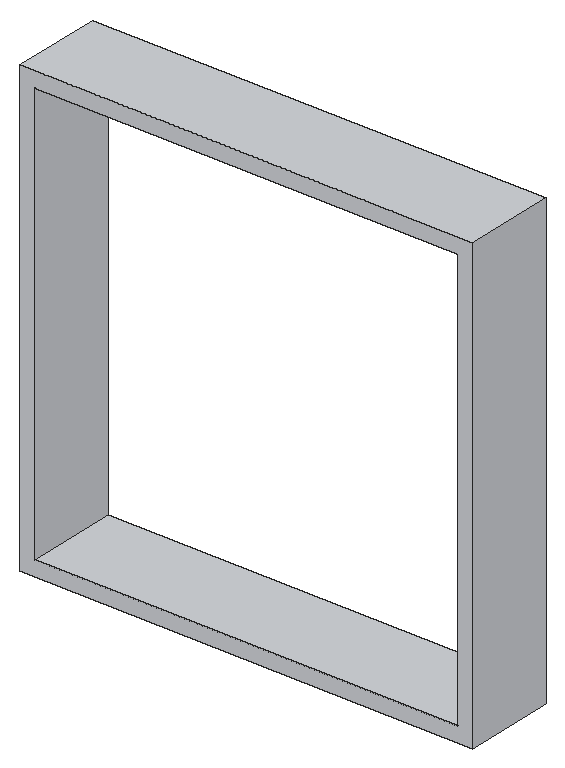
Revit family "magic pack window", category Windows, host Wall, Revit 2019
Family settings
  Host = Wall
  OmniClass Number = 23.30.20.00
  OmniClass Title = Windows
  Always vertical = Yes
  Cut with Voids When Loaded = No
  Shared = No
  Room Calculation Point = No
Parameters
  material = none
  frame thickness = 0' - 1"
  Height = 2' - 6"
  Default Sill Height = 0' - 4"
  Wall Closure = By host
  Width = 2' - 6"
Reference planes (in)
  plane 1 "Center (Front/Back)": y = 0
  plane 2: z = 0
  plane 3 "Center (Left/Right)": x = 0
  plane 4 "Left": x = -15
  plane 5 "Right": x = 15
  plane 6 "Sill": z = 4
  plane 7 "Top": z = 34
  plane 8: x = 14
  plane 9: x = -14
  plane 10: z = 5
  plane 11: z = 33
Forms (in)
  Extrusion 1, solid, material <- "material"
    sketch origin (0, 0, 0) x (1, 0, 0) y (0, 0, 1)
      loop
        line (15, 34) -> (-15, 34) -> (-15, 4) -> (15, 4) -> (15, 34)
      loop
        line (14, 33) -> (-14, 33) -> (-14, 5) -> (14, 5) -> (14, 33)
    from -3 to 3
Lines and regions (in)
  Opening 1
    outline origin (-60, -3, 0) x (1, 0, 0) y (0, 0, 1)
      loop
        line (45, 34) -> (45, 4) -> (75, 4) -> (75, 34) -> (45, 34)
Text (in)
  text "EXTERIOR" at (-58.6888, 50.90694, 0), in view "Ref. Level"
  text "INTERIOR" at (-58.6888, -37.76638, 0), in view "Ref. Level"
  text "Exterior" at (0, 43.65631, 123.19604), in view "Left"
  text "Exterior" at (0, 18.29385, 125.04747), in view "Right"
Dimensions and locks (in)
  equal spacing: plane 4 "Left", plane 3 "Center (Left/Right)", plane 5 "Right"
  "Width": plane 4 "Left" to plane 5 "Right"
  "Height": plane 6 "Sill" to plane 7 "Top"
  "Default Sill Height": plane 2 to plane 6 "Sill"
  "frame thickness": plane 8 to plane 5 "Right"
  "frame thickness": plane 11 to plane 7 "Top"
  "frame thickness": plane 6 "Sill" to plane 10
  "frame thickness": plane 4 "Left" to plane 9
  aligned and locked: plane 7 "Top" to Opening 1 sketch curve
  aligned and locked: plane 6 "Sill" to Opening 1 sketch curve  (x2)
  aligned and locked: plane 5 "Right" to Opening 1 sketch curve
  aligned and locked: plane 4 "Left" to Opening 1 sketch curve
  aligned and locked: level to plane 2
  aligned and locked: Extrusion 1 sketch curve to host wall  (x4)
  aligned and locked: Extrusion 1 sketch curve to plane 11
  aligned and locked: Extrusion 1 sketch curve to plane 8
  aligned and locked: Extrusion 1 sketch curve to plane 10
  aligned and locked: plane 9 to Extrusion 1 sketch curve
  aligned and locked: host wall to Extrusion 1  (x2)
